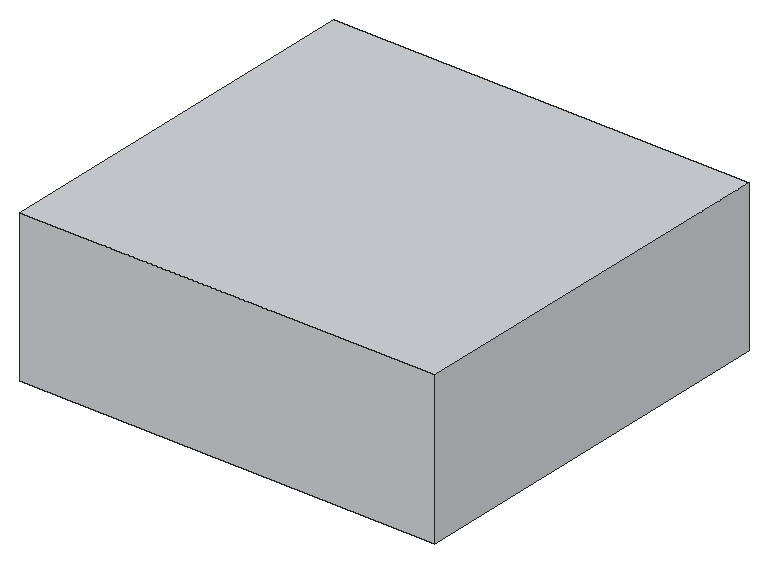
Revit family "box_test", category Generic Models, Revit 2022
Family settings
  Can host rebar = No
  Round Connector Dimension = Use Diameter
  Part Type = Normal
  Work Plane-Based = No
  Always vertical = Yes
  Cut with Voids When Loaded = No
  Maintain Annotation Orientation = No
  Shared = No
  Room Calculation Point = No
Parameters
  Default Elevation = 0 mm
Reference planes
  plane 1 "Center (Front/Back)": y = 0
  plane 2: z = 0
  plane 3 "Center (Left/Right)": x = 0
Forms (mm)
  Extrusion 1, solid
    sketch origin (0, 0, 0) x (1, 0, 0) y (0, 1, 0)
      loop
        line (-837.339, 868.937) -> (-837.339, -931.063) -> (1062.661, -931.063) -> (1062.661, 868.937) -> (-837.339, 868.937)
    from 0 to 693.273
Dimensions and locks
  aligned and locked: level to plane 2
